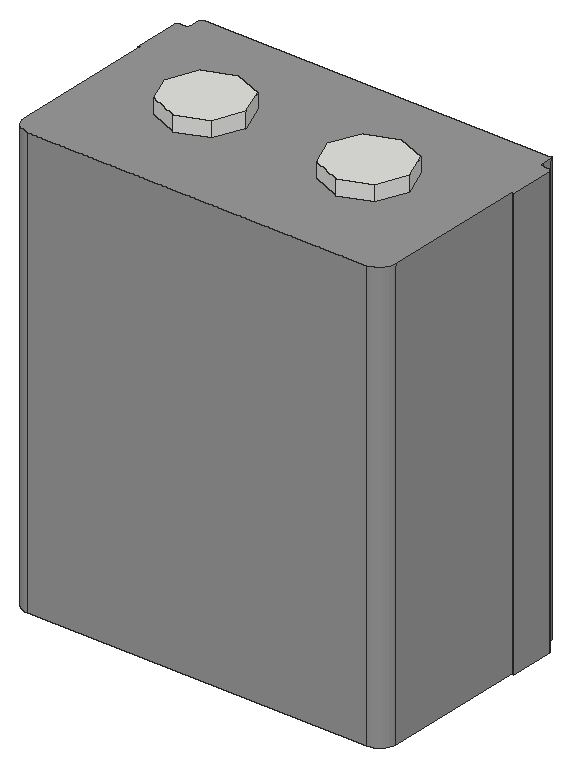
Revit family "VT.VAR30.G.07", category Оборудование, Revit 2019
Family settings
  Размер круглого соединителя = Использовать диаметр
  Тип детали = Нормальный
  Номер OmniClass = 23.75.00.00
  Заголовок OmniClass = Climate Control (HVAC)
  На основе рабочей плоскости = Нет
  Всегда вертикально = Да
  При загрузке вырезать с полостями = Нет
  Общий = Нет
  Точка расчета площади = Нет
Parameters
  Техническое описание = "https://valtec.ru/catalog/sistemy_modulnogo_montazha/gruppy_bystrogo_montazha/kollektornyj_modul_vtvar30g.html"
  Страна изготовитель = "Italy"
  Размер соединения = "G 1\"1/4"
  Продукта url = "https://valtec.ru/catalog/sistemy_modulnogo_montazha/gruppy_bystrogo_montazha/kollektornyj_modul_vtvar30g.html"
  Полный гидравлический возвратный поток = Гидравлический возвратный поток 1 + Гидравлический терминал обратного потока  # 0.0 L/s
  Пенополистрирольная теплоизоляция = yes
  Описание Конфигурации = "Модульный распределительный коллектор для системы VARIMIX"
  Общий поток подачи гидравлики = Гидравлический поток подачи 1 + Гидравлический терминал подачи  # 0.0 L/s
  Номинальная ширина = 0 mm
  Номинальная высота = 0 mm
  Материал основной = "Латунь"
  Материал = "Латунь - CB753S"
  Мастерформат 2014 Описание = "Отопление, вентиляция и кондиционирование воздуха (HVAC)"
  Макс рабочее давление (бар) = 10.0 bar
  Макс рабочая температура (°C) = 120 °C
  Код основной категории BIMobject = "водопровод"
  Код категории BIMобъекта = "водопроводным-другой"
  Классификация IFC = "5/5000\r\nКлапан"
  Инструкция по установке = "https://valtec.ru/catalog/sistemy_modulnogo_montazha/gruppy_bystrogo_montazha/kollektornyj_modul_vtvar30g.html"
  Группа товаров = "VARIMIX"
  Гидравлический терминал подачи = 0.0 L/s
  Гидравлический терминал обратного потока = 0.0 L/s
  Гидравлический поток подачи 1 = 0.0 L/s
  Гидравлический возвратный поток 1 = 0.0 L/s
  Вес нетто (кг) = "4.5"
  Uniclass 2015 Name = "Системы отопления, охлаждения и охлаждения"
  URL = "https://valtec.ru/"
  Revit Version = "2018"  # constant formula
  Изготовитель = "IVAR"  # constant formula
  Произведено в = "Made in Italy"  # constant formula
  Группа модели = "VAR30"  # constant formula
  Максимальная скорость потока (л/ч) = 4500
  Описание = "Modular distribution manifold for VARIMIX system"  # constant formula
  BIMобъект основная категория = "Водопровод"
  BIMобъект категории = "Другие"
  Article Type = Группа модели  # "VAR30"
  Article Description = Описание  # "Modular distribution manifold for VARIMIX system"
  2.0 Описание = "Клапаны"
  1.4 Описание = "Климат-контроль установки и оборудование (HVAC)"
Reference planes
  plane 1 "RIF X": y = 0
  plane 2: z = 0
  plane 3 "RIF Z": x = 1000
  plane 4: z = 0
  plane 5: z = -100
  plane 6: x = 951.811
  plane 7: x = 1051.811
  plane 8: z = 61
  plane 9 "dietro": y = 69
  plane 10 "davanti": y = -69
Forms (mm)
  Revolve 1, solid, material "BRASS - CW617N", detail levels medium+fine
    sketch origin (0, 0, -50) x (1, 0, 0) y (0, 0, 1)
      loop
        line (896.811, 50) -> (1106.811, 50) -> (1106.811, 75.5) -> (1103.913, 75.5)
        arc (1103.913, 75.5) -> (1103.05, 75.303) -> (1102.357, 74.752) r 1.991
        arc (1102.357, 74.752) -> (1101.658, 74.195) -> (1100.786, 73.996) r 2.01
        line (1100.786, 73.996) -> (1085.913, 73.996)
        arc (1085.913, 73.996) -> (1085.055, 73.803) -> (1084.361, 73.262) r 2.007
        arc (1084.361, 73.262) -> (1083.642, 72.7) -> (1082.751, 72.5) r 2.083
        line (1082.751, 72.5) -> (920.815, 72.5)
        arc (920.815, 72.5) -> (919.925, 72.701) -> (919.207, 73.264) r 2.075
        arc (919.207, 73.264) -> (918.515, 73.807) -> (917.657, 74) r 2
        line (917.657, 74) -> (902.868, 74)
        arc (902.868, 74) -> (901.982, 74.199) -> (901.265, 74.757) r 2.077
        arc (901.265, 74.757) -> (900.57, 75.298) -> (899.709, 75.491) r 2.015
        line (899.709, 75.491) -> (896.811, 75.491) -> (896.811, 50)
      axis (896.811, 50) -> (1106.811, 50)
    angle from 0 to 360
  Revolve 2, solid, material "BRASS - CW617N", detail levels medium+fine
    sketch origin (0, 0, -150) x (1, 0, 0) y (0, 0, 1)
      loop
        line (896.811, 50) -> (1106.811, 50) -> (1106.811, 75.5) -> (1103.913, 75.5)
        arc (1103.913, 75.5) -> (1103.05, 75.303) -> (1102.357, 74.752) r 1.991
        arc (1102.357, 74.752) -> (1101.658, 74.195) -> (1100.786, 73.996) r 2.01
        line (1100.786, 73.996) -> (1085.913, 73.996)
        arc (1085.913, 73.996) -> (1085.055, 73.803) -> (1084.361, 73.262) r 2.007
        arc (1084.361, 73.262) -> (1083.642, 72.7) -> (1082.751, 72.5) r 2.083
        line (1082.751, 72.5) -> (920.815, 72.5)
        arc (920.815, 72.5) -> (919.925, 72.701) -> (919.207, 73.264) r 2.075
        arc (919.207, 73.264) -> (918.515, 73.807) -> (917.657, 74) r 2
        line (917.657, 74) -> (902.868, 74)
        arc (902.868, 74) -> (901.982, 74.199) -> (901.265, 74.757) r 2.077
        arc (901.265, 74.757) -> (900.57, 75.298) -> (899.709, 75.491) r 2.015
        line (899.709, 75.491) -> (896.811, 75.491) -> (896.811, 50)
      axis (896.811, 50) -> (1106.811, 50)
    angle from 0 to 360
  Revolve 3, solid, material "BRASS - CW617N", detail levels medium+fine
    sketch origin (0, 0, -50) x (1, 0, 0) y (0, 0, 1)
      loop
        line (951.811, 142.5) -> (934.301, 142.5) -> (934.301, 132.9) -> (932.311, 132.9) -> (932.311, 131.15) -> (931.311, 131.15) -> (931.311, 130) -> (931.311, 102.002) -> (932.877, 102.002) -> (934.379, 100.499)
        arc (934.379, 100.499) -> (935.461, 98.86) -> (935.811, 96.929) r 4.893
        line (935.811, 96.929) -> (935.811, 95.655)
        arc (935.811, 95.655) -> (936.18, 94.479) -> (937.154, 93.725) r 2.058
        arc (937.154, 93.725) -> (938.042, 92.924) -> (938.137, 91.732) r 1.617
        line (938.137, 91.732) -> (934.723, 65.799) -> (951.811, 65.799) -> (951.811, 142.5)
      axis (951.811, 65.799) -> (951.811, 142.5)
    angle from 0 to 360
  Revolve 4, solid, material "BRASS - CW617N", detail levels medium+fine
    sketch origin (0, 0, -50) x (1, 0, 0) y (0, 0, 1)
      loop
        line (918.811, 119) -> (918.811, 111) -> (935.113, 111) -> (935.113, 119) -> (918.811, 119)
      axis (918.811, 111) -> (935.113, 111)
    angle from 0 to 360
  Revolve 5, solid, material "BRASS - CW617N", detail levels medium+fine
    sketch origin (100, 0, -50) x (1, 0, 0) y (0, 0, 1)
      loop
        line (951.811, 142.5) -> (934.301, 142.5) -> (934.301, 132.9) -> (932.311, 132.9) -> (932.311, 131.15) -> (931.311, 131.15) -> (931.311, 130) -> (931.311, 102.002) -> (932.877, 102.002) -> (934.379, 100.499)
        arc (934.379, 100.499) -> (935.461, 98.86) -> (935.811, 96.929) r 4.893
        line (935.811, 96.929) -> (935.811, 92.495)
        arc (935.811, 92.495) -> (935.263, 89.229) -> (933.678, 86.321) r 10
        arc (933.678, 86.321) -> (932.793, 84.854) -> (932.291, 83.216) r 7
        line (932.291, 83.216) -> (929.22, 65.799) -> (951.811, 65.799) -> (951.811, 142.5)
      axis (951.811, 65.799) -> (951.811, 142.5)
    angle from 0 to 360
  Revolve 6, solid, material "BRASS - CW617N", detail levels medium+fine
    sketch origin (2000, 0, -50) x (-1, 0, 0) y (0, 0, 1)
      loop
        line (915.178, 119) -> (915.178, 111) -> (935.113, 111) -> (935.113, 119) -> (915.178, 119)
      axis (915.178, 111) -> (935.113, 111)
    angle from 0 to 360
  Revolve 7, solid, material "BRASS - CW617N", detail levels medium+fine
    sketch origin (0, 0, -50) x (1, 0, 0) y (0, 0, 1)
      loop
        line (1031.422, 50) -> (1031.422, 21.716) -> (1032.291, 16.784) -> (1034.311, 0) -> (1034.311, -24.5)
        arc (1034.311, -24.5) -> (1033.433, -26.621) -> (1031.311, -27.5) r 3
        line (1031.311, -27.5) -> (1031.311, -46.648) -> (1051.811, -46.648) -> (1051.811, 50) -> (1031.422, 50)
      axis (1051.811, -46.648) -> (1051.811, 50)
    angle from 0 to 360
  Extrusion 8, solid, material "BRASS - CW617N", detail levels medium+fine
    sketch origin (0, 0, -50) x (1, 0, 0) y (0, 0, 1)
      loop
        line (961.872, 50) -> (961.872, -50) -> (977.811, -50) -> (977.811, -6.119)
        arc (977.811, -6.119) -> (978.432, -4.621) -> (979.93, -4) r 2.119
        line (979.93, -4) -> (994.043, -4)
        arc (994.043, -4) -> (995.179, -4.333) -> (995.956, -5.225) r 2.105
        arc (995.956, -5.225) -> (1000.568, -10.525) -> (1007.311, -12.5) r 12.5
        line (1007.311, -12.5) -> (1051.811, -12.5) -> (1051.811, -4.5) -> (1007.311, -4.5)
        arc (1007.311, -4.5) -> (1002.811, 0) -> (1007.311, 4.5) r 4.5
        line (1007.311, 4.5) -> (1051.811, 4.5) -> (1051.811, 12.5) -> (1007.311, 12.5)
        arc (1007.311, 12.5) -> (1000.543, 10.509) -> (995.931, 5.171) r 12.5
        arc (995.931, 5.171) -> (995.194, 4.318) -> (994.113, 4) r 1.997
        line (994.113, 4) -> (979.766, 4)
        arc (979.766, 4) -> (978.384, 4.573) -> (977.811, 5.955) r 1.955
        line (977.811, 5.955) -> (977.811, 50) -> (961.872, 50)
    from -8 to 8
  Extrusion 9, solid, material "BRASS - CW617N", detail levels medium+fine
    sketch origin (2103.622, 0, -50) x (-1, 0, 0) y (0, 0, -1)
      loop
        line (1007.311, -12.5) -> (1051.811, -12.5) -> (1051.811, -4.5) -> (1007.311, -4.5)
        arc (1007.311, -4.5) -> (1002.811, 0) -> (1007.311, 4.5) r 4.5
        line (1007.311, 4.5) -> (1051.811, 4.5) -> (1051.811, 12.5) -> (1007.311, 12.5)
        arc (1007.311, 12.5) -> (994.811, 0) -> (1007.311, -12.5) r 12.5
    from -8 to 8
  Extrusion 10, solid, material "BRASS - CW617N", detail levels medium+fine
    sketch origin (-60, 0, -50) x (1, 0, 0) y (0, 0, 1)
      loop
        line (961.872, 50) -> (961.872, -50) -> (977.811, -50) -> (977.811, 50) -> (961.872, 50)
    from -8 to 8
  Extrusion 11, solid, material "Copper - Nickel", detail levels fine
    sketch origin (0, -257.016, 92.5) x (0, -1, 0) y (1, 0, 0)
      loop
        line (-232.121, 1051.811) -> (-239.413, 1069.415) -> (-257.016, 1076.706) -> (-274.62, 1069.415) -> (-281.911, 1051.811) -> (-274.62, 1034.208) -> (-257.016, 1026.916) -> (-239.413, 1034.208) -> (-232.121, 1051.811)
    from 0 to 16
  Extrusion 12, solid, material "Copper - Nickel", detail levels fine
    sketch origin (-100, -257.016, 92.5) x (0, -1, 0) y (1, 0, 0)
      loop
        line (-232.121, 1051.811) -> (-239.413, 1069.415) -> (-257.016, 1076.706) -> (-274.62, 1069.415) -> (-281.911, 1051.811) -> (-274.62, 1034.208) -> (-257.016, 1026.916) -> (-239.413, 1034.208) -> (-232.121, 1051.811)
    from 0 to 16
  Extrusion 13, solid, material "PPE - INSULATION", visible <- "Пенополистрирольная теплоизоляция", detail levels medium+fine
    sketch origin (1001.853, -708.444, -164.526) x (0, -1, 0) y (1, 0, 0)
      loop
        line (-639.444, -104) -> (-639.444, 104)
        arc (-639.444, 104) -> (-642.373, 111.071) -> (-649.444, 114) r 10
        line (-649.444, 114) -> (-737.944, 114) -> (-737.944, 115) -> (-765.51, 115)
        arc (-765.51, 115) -> (-766.877, 114.434) -> (-767.444, 113.066) r 1.934
        line (-767.444, 113.066) -> (-767.444, 109.96)
        arc (-767.444, 109.96) -> (-768.018, 108.574) -> (-769.404, 108) r 1.96
        line (-769.404, 108) -> (-775.43, 108)
        arc (-775.43, 108) -> (-776.854, 107.41) -> (-777.444, 105.986) r 2.014
        line (-777.444, 105.986) -> (-777.444, -105.986)
        arc (-777.444, -105.986) -> (-776.854, -107.41) -> (-775.43, -108) r 2.014
        line (-775.43, -108) -> (-769.404, -108)
        arc (-769.404, -108) -> (-768.018, -108.574) -> (-767.444, -109.96) r 1.96
        line (-767.444, -109.96) -> (-767.444, -113.066)
        arc (-767.444, -113.066) -> (-766.877, -114.434) -> (-765.51, -115) r 1.934
        line (-765.51, -115) -> (-737.944, -115) -> (-737.944, -114) -> (-649.444, -114)
        arc (-649.444, -114) -> (-642.373, -111.071) -> (-639.444, -104) r 10
    from 0 to 264
  Extrusion 14, void, detail levels fine
    sketch origin (881.811, 0, 2017.491) x (0, 1, 0) y (0, 0, 1)
      loop
        circle (0, -2117.477) r 25.563
    from 5.042 to 17.898
  Extrusion 15, void, detail levels fine
    sketch origin (1121.939, 0, 2117.412) x (0, 1, 0) y (0, 0, -1)
      loop
        circle (0, 2117.477) r 25.563
    from 5.042 to 17.898
  Extrusion 16, void, detail levels fine
    sketch origin (1121.939, 0, 2017.491) x (0, 1, 0) y (0, 0, -1)
      loop
        circle (0, 2117.477) r 25.563
    from 5.042 to 17.898
  Extrusion 17, void, detail levels fine
    sketch origin (881.811, 0, 2117.444) x (0, 1, 0) y (0, 0, 1)
      loop
        circle (0, -2117.477) r 25.563
    from 5.042 to 17.898
  Extrusion 18, solid, not visible
    sketch origin (897.811, 0, 0) x (0, 1, 0) y (0, 0, 1)
      loop
        circle (0, 0) r 1
    from 0 to 1
  Extrusion 19, solid, not visible
    sketch origin (897.811, 0, -100) x (0, 1, 0) y (0, 0, 1)
      loop
        circle (0, 0) r 1
    from 0 to 1
  Extrusion 20, solid, not visible
    sketch origin (1105.811, 0, 0) x (0, 1, 0) y (0, 0, -1)
      loop
        circle (0, 0) r 1
    from 0 to 1
  Extrusion 21, solid, not visible
    sketch origin (1105.811, 0, -100) x (0, 1, 0) y (0, 0, -1)
      loop
        circle (0, 0) r 1
    from 0 to 1
  Extrusion 22, solid, not visible
    sketch origin (951.811, 0, 106.5) x (0, 1, 0) y (-1, 0, 0)
      loop
        circle (0, 0) r 1
    from 0 to 1
  Extrusion 23, solid, not visible
    sketch origin (1051.811, 0, 106.5) x (0, 1, 0) y (-1, 0, 0)
      loop
        circle (0, 0) r 1
    from 0 to 1
Lines and regions (mm)
  model lines, style "IVAR_LOW PROFILE", detail levels coarse
    curve 1: line (886.853, -69, 99.474) -> (886.853, 69, 99.474)
    curve 2: line (1116.853, -69, 99.474) -> (1116.853, 69, 99.474)
    curve 3: line (886.853, 69, 99.474) -> (1116.853, 69, 99.474)
    curve 4: line (886.853, -69, 99.474) -> (1116.853, -69, 99.474)
    curve 5: line (886.853, -69, -164.526) -> (886.853, 69, -164.526)
    curve 6: line (1116.853, -69, -164.526) -> (1116.853, 69, -164.526)
    curve 7: line (886.853, 69, -164.526) -> (1116.853, 69, -164.526)
    curve 8: line (886.853, -69, -164.526) -> (1116.853, -69, -164.526)
    curve 9: line (886.853, -69, 99.474) -> (886.853, -69, -164.526)
    curve 10: line (1116.853, -69, 99.474) -> (1116.853, -69, -164.526)
    curve 11: line (886.853, 69, 99.474) -> (886.853, 69, -164.526)
    curve 12: line (1116.853, 69, 99.474) -> (1116.853, 69, -164.526)
Dimensions and locks
  aligned and locked: plane 2 to level
  aligned and locked: Revolve 1 sketch curve to plane 4
  aligned and locked: Revolve 3 sketch curve to plane 6
  aligned and locked: Revolve 4 sketch curve to plane 8
  aligned and locked: Revolve 7 sketch curve to plane 7
Connectors
  piping at (897.811, 0, 0), diameter 32, driven by "Общий поток подачи гидравлики"
    settings: on Extrusion 18, index 1, connector inside diameter 609.6 mm, connector length 0 mm, flow factor 0, pipe flow 0.0 L/s, pressure drop 0.0 bar, fitting loss kfactor 0, connector angle 0.00°, fixture units 0, engagement length 0 mm, angle of deflection 0.00°, flow configuration 1, flow direction 1, fitting loss method 0, system type 7, joint type 0, gender type 0, connector reference index -1, connector utility 0, adjustable connector no, is connector primary yes, connector description "Total Hydronic Supply Flow_IN"
  piping at (897.811, 0, -100), diameter 32, driven by "Полный гидравлический возвратный поток"
    settings: on Extrusion 19, index 2, connector inside diameter 609.6 mm, connector length 0 mm, flow factor 0, pipe flow 0.0 L/s, pressure drop 0.0 bar, fitting loss kfactor 0, connector angle 0.00°, fixture units 0, engagement length 0 mm, angle of deflection 0.00°, flow configuration 1, flow direction 2, fitting loss method 0, system type 8, joint type 0, gender type 0, connector reference index -1, connector utility 0, adjustable connector no, is connector primary no, connector description "Total Hydronic Return Flow_OUT"
  piping at (1105.811, 0, 0), diameter 32, driven by "Гидравлический терминал подачи"
    settings: on Extrusion 20, index 3, connector inside diameter 609.6 mm, connector length 0 mm, flow factor 0, pipe flow 0.0 L/s, pressure drop 0.0 bar, fitting loss kfactor 0, connector angle 0.00°, fixture units 0, engagement length 0 mm, angle of deflection 0.00°, flow configuration 0, flow direction 0, fitting loss method 0, system type 7, joint type 0, gender type 0, connector reference index -1, connector utility 0, adjustable connector no, is connector primary no, connector description "Hydronic Supply Flow Terminal_OUT"
  piping at (1105.811, 0, -100), diameter 32, driven by "Гидравлический терминал обратного потока"
    settings: on Extrusion 21, index 5, connector inside diameter 609.6 mm, connector length 0 mm, flow factor 0, pipe flow 0.0 L/s, pressure drop 0.0 bar, fitting loss kfactor 0, connector angle 0.00°, fixture units 0, engagement length 0 mm, angle of deflection 0.00°, flow configuration 0, flow direction 1, fitting loss method 0, system type 8, joint type 0, gender type 0, connector reference index -1, connector utility 0, adjustable connector no, is connector primary no, connector description "Hydronic Return Flow Terminal_IN"
  piping at (951.811, 0, 107.5), diameter 32, driven by "Гидравлический поток подачи 1"
    settings: on Extrusion 22, index 6, connector inside diameter 609.6 mm, connector length 0 mm, flow factor 0, pipe flow 0.0 L/s, pressure drop 0.0 bar, fitting loss kfactor 0, connector angle 0.00°, fixture units 0, engagement length 0 mm, angle of deflection 0.00°, flow configuration 0, flow direction 2, fitting loss method 0, system type 7, joint type 0, gender type 0, connector reference index -1, connector utility 0, adjustable connector no, is connector primary no, connector description "Hydronic Supply Flow 1_OUT"
  piping at (1051.811, 0, 107.5), diameter 32, driven by "Гидравлический возвратный поток 1"
    settings: on Extrusion 23, index 7, connector inside diameter 609.6 mm, connector length 0 mm, flow factor 0, pipe flow 0.0 L/s, pressure drop 0.0 bar, fitting loss kfactor 0, connector angle 0.00°, fixture units 0, engagement length 0 mm, angle of deflection 0.00°, flow configuration 0, flow direction 1, fitting loss method 0, system type 8, joint type 0, gender type 0, connector reference index -1, connector utility 0, adjustable connector no, is connector primary no, connector description "Hydronic Return Flow 1_IN"
